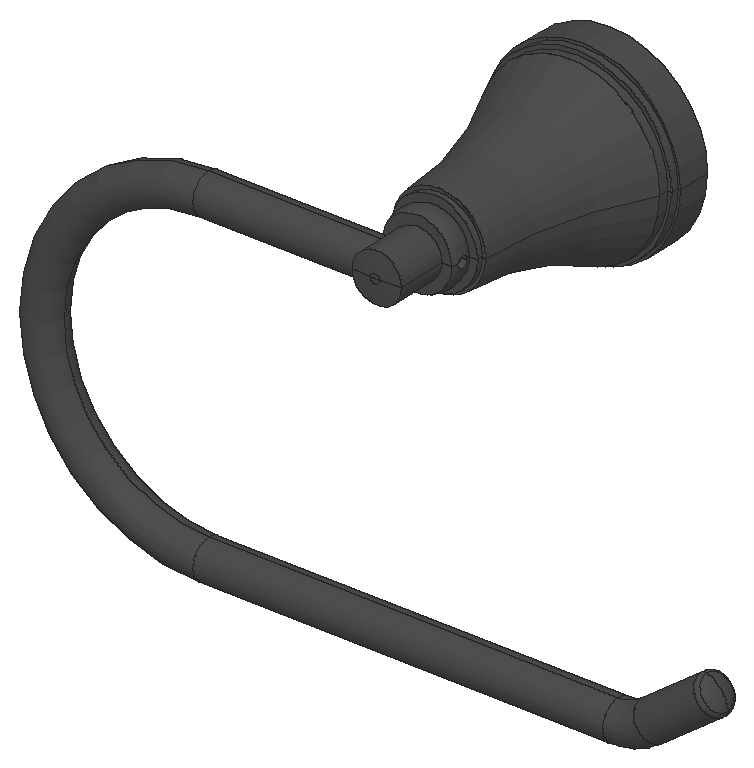
Revit family "Reece_Accessory_Kado_Era_Toilet Roll Holder", category Plumbing Fixtures, Revit 2018
Family settings
  Round Connector Dimension = Use Diameter
  Part Type = Normal
  Work Plane-Based = Yes
  Always vertical = Yes
  Cut with Voids When Loaded = Yes
  Shared = Yes
  Room Calculation Point = Yes
Parameters (values of type "Matte Black")
  URL = "https://www.reece.com.au/product/-2263727"
  Type Comments = "Accessory"
  Reece_Product_Web Page = "https://www.reece.com.au/product/-2263727"
  Reece_Product_Type = "Accessory"  # constant formula
  Reece_Product_Sub Brand = "Era"  # constant formula
  Reece_Product_Number = "2263727"
  Reece_Product_Mount = "Wall Mounted"
  Reece_Product_Description = "Kado Era Toilet Roll Holder Matte Black"
  Reece_Product_Brand = "Kado"  # constant formula
  Reece_Overall_Projection = 75 mm  # constant formula
  Reece_Overall_Length = 180 mm  # constant formula
  Reece_Overall_Height = 114 mm  # constant formula
  Reece_Material_Main = Reece_Brass_Matte Black
  Reece_Height_From_Level [instance] = 500 mm
  Reece_Detail_Installation = "Wall Mounted"  # constant formula
  Reece_Detail_Disclaimer = "THIS FILE IS THE PROPERTY OF THE REECE GROUP. IT MAY NOT BE REPRODUCED, REVERSE-ENGINEERED OR MODIFIED. ANY REPUBLICATION, TRANSMISSION OR DISTRIBUTION FOR THE PURPOSE OF COMMERCIALLY EXPLOITING THE FILES IS PROHIBITED."  # constant formula
  Reece_Detail_Additional = "Toilet Roll Holder"  # constant formula
  Model = "Era"
  Manufacturer = "Kado"
  Keynote = "Product #2263727, Reece_Accessory_Kado_Era_Toilet Roll Holder - Matte Black"
  Disclaimer = "THIS FILE IS THE PROPERTY OF THE REECE GROUP. IT MAY NOT BE REPRODUCED, REVERSE-ENGINEERED OR MODIFIED. ANY REPUBLICATION, TRANSMISSION OR DISTRIBUTION FOR THE PURPOSE OF COMMERCIALLY EXPLOITING THE FILES IS PROHIBITED."  # constant formula
  Description = "Kado Era Toilet Roll Holder Matte Black"
  Default Elevation = 0 mm
Types (5, lengths in mm): name | URL | Reece_Product_Web Page | Reece_Product_Number | Reece_Product_Description | Reece_Material_Main | Keynote | Description
  (no name) | "https://www.reece.com.au/product/-9512123" | "https://www.reece.com.au/product/-9512123" | "9512123" | "Kado Era Toilet Roll Holder Brushed Nickel" | Reece_Brass_Brushed Nickel | "Product #9512123, Reece_Accessory_Kado_Era_Toilet Roll Holder -  " | "Kado Era Toilet Roll Holder Brushed Nickel"
  Chrome | "https://www.reece.com.au/product/-9507730" | "https://www.reece.com.au/product/-9507730" | "9507730" | "Kado Era Toilet Roll Holder Chrome" | Reece_Brass_Chrome | "Product #9507730, Reece_Accessory_Kado_Era_Toilet Roll Holder - Chrome" | "Kado Era Toilet Roll Holder Chrome"
  Matte Black | "https://www.reece.com.au/product/-2263727" | "https://www.reece.com.au/product/-2263727" | "2263727" | "Kado Era Toilet Roll Holder Matte Black" | Reece_Brass_Matte Black | "Product #2263727, Reece_Accessory_Kado_Era_Toilet Roll Holder - Matte Black" | "Kado Era Toilet Roll Holder Matte Black"
  Brass Gold | "https://www.reece.com.au/product/-9507729" | "https://www.reece.com.au/product/-9507729" | "9507729" | "Kado Era Toilet Roll Holder Brass Gold" | Reece_Brass_Gold | "Product #9507729, Reece_Accessory_Kado_Era_Toilet Roll Holder - Brass Gold" | "Kado Era Toilet Roll Holder Brass Gold"
  Brushed Nickel | "https://www.reece.com.au/product/-9512123" | "https://www.reece.com.au/product/-9512123" | "9512123" | "Kado Era Toilet Roll Holder Brushed Nickel" | Reece_Brass_Brushed Nickel | "Product #9512123, Reece_Accessory_Kado_Era_Toilet Roll Holder - Brushed Nickel" | "Kado Era Toilet Roll Holder Brushed Nickel"
Reference planes
  plane 1 "Center (Front/Back)": y = 0
  plane 2 "Bottom Host Plane": z = -5
  plane 3 "Center (Left/Right)": x = 0
  plane 4 "Height From Floor": z = 500
  plane 5: z = 525
  plane 6: z = 411
  plane 7: x = -90
  plane 8: x = 90
  plane 9: y = -75
Forms (mm)
  Sweep 1, solid, material "Reece_Brass_Matte Black" <- "Reece_Material_Main"
    path origin (-146.674, -68.5, 35.957) x (-0.959839, 0, 0.28055) y (0.28055, 0, 0.959839)
      loop
        line (-117.045, 440.96) -> (-105.388, 425.621)
        arc (-105.388, 425.621) -> (-100.801, 421.245) -> (-95.075, 418.525) r 20
        line (-95.075, 418.525) -> (5.708, 389.067)
        arc (5.708, 389.067) -> (64.006, 420.994) -> (32.08, 479.292) r 47
        line (32.08, 479.292) -> (-13.993, 492.759)
    profile origin (-19, -68.5, 505) x (0, 0, -1) y (0, 1, 0)
      loop
        circle (5, 0) r 5
  Revolve 2, solid, material "Reece_Brass_Matte Black" <- "Reece_Material_Main"
    sketch origin (-89.207, -68.5, -4.218) x (-0.988952, 0, 0.148239) y (0.148239, 0, 0.988952)
      loop
        line (-109.25, 455.84) -> (-111.018, 457.608)
        arc (-111.018, 457.608) -> (-112.375, 455.741) -> (-113.208, 453.588) r 8.934
        arc (-113.208, 453.588) -> (-113.181, 452.886) -> (-112.786, 452.305) r 1.275
        line (-112.786, 452.305) -> (-109.25, 455.84)
      axis (-109.25, 455.84) -> (-111.018, 457.608)
    angle from 0 to 360
  Revolve 3, solid, material "Reece_Brass_Matte Black" <- "Reece_Material_Main"
    sketch origin (1.299, 0, 500) x (-1, 0, 0) y (0, -1, 0)
      loop
        line (-3.701, 0) -> (21.299, 0) -> (21.299, 8.5) -> (20.499, 8.5) -> (20.499, 10.5) -> (19.499, 10.5) -> (19.499, 12.8)
        arc (19.499, 12.8) -> (11.238, 33.044) -> (8.224, 54.7) r 88
        line (8.224, 54.7) -> (7.349, 54.7) -> (7.349, 56.2) -> (5.199, 56.2)
        arc (5.199, 56.2) -> (5.749, 58.925) -> (5.199, 61.65) r 7.026
        line (5.199, 61.65) -> (2.569, 61.65) -> (2.569, 74.575)
        arc (2.569, 74.575) -> (0.06, 74.893) -> (-2.466, 75) r 30
        line (-2.466, 75) -> (-3.701, 75) -> (-3.701, 0)
      axis (-3.701, 0) -> (-3.701, 75)
    angle from 0 to 360
  Revolve 4, void
    sketch origin (0, 0, 500) x (-1, 0, 0) y (0, -1, 0)
      loop
        line (-12.682, 58.925) -> (-15.165, 58.925) -> (-15.165, 57.401) -> (-12.682, 57.401) -> (-12.682, 58.925)
      loop
        line (3.133, 58.925) -> (3.133, 57.401) -> (5.165, 57.401) -> (5.165, 58.925) -> (3.133, 58.925)
      axis (5.165, 58.925) -> (-15.165, 58.925)
    angle from 0 to 360
Cuts and joins
  Revolve 4 cuts Revolve 3
  joined: Sweep 1, Revolve 2, Revolve 3
Lines and regions (mm)
  model lines, style "InvisibleLines"
    curve 1: line (0, 0, -5) -> (0, 0, 500)
Text (mm)
  text "Reece ©" at (2646.871, -2481.826, 2888.116), in view "Reece Preview"
  text "Reece Copyright © 2018, Reece Ltd." at (-247.475, -190.626, 0), in view "Ref. Level"
Dimensions and locks
  plane 2 "Bottom Host Plane" to level = 5 mm
  locked: level to plane 2 "Bottom Host Plane" at 5
  "Reece_Height_From_Level": plane 4 "Height From Floor" to level
  locked: plane 5 to plane 4 "Height From Floor" at 25
  equal spacing: plane 7, plane 3 "Center (Left/Right)", plane 8
  "Reece_Overall_Length": plane 7 to plane 8
  "Reece_Overall_Projection": plane 9 to plane 1 "Center (Front/Back)"
  "Reece_Overall_Height": plane 5 to plane 6
  Revolve 2 sketch curve to Revolve 2 sketch curve to Revolve 2 sketch curve = 1.294 mm locked, 1.206 mm locked
  aligned and locked: plane 2 "Bottom Host Plane" to curve 1
  aligned and locked: plane 4 "Height From Floor" to curve 1
Automatic sketch dimensions
  Revolve 3 sketch curve to Revolve 3 sketch curve = 1.189 mm
  Revolve 3 sketch curve to Revolve 3 sketch curve = 2.15 mm  (x2)
  Revolve 3 sketch curve to Revolve 3 sketch curve = 0.875 mm
  Revolve 3 sketch curve to plane 3 "Center (Left/Right)" = 18.2 mm
  Revolve 3 sketch curve to Revolve 3 sketch curve = 0.8 mm
  Revolve 3 sketch curve to plane 1 "Center (Front/Back)" = 0 mm
  Revolve 3 sketch curve to Revolve 3 sketch curve = 8.5 mm
  Revolve 3 sketch curve to Revolve 3 sketch curve = 2 mm
  Revolve 3 sketch curve to Revolve 3 sketch curve = 2.3 mm
  Revolve 3 sketch curve to Revolve 3 sketch curve = 32.2 mm
  Revolve 3 sketch curve to Revolve 3 sketch curve = 9.7 mm
  Revolve 3 sketch curve to Revolve 3 sketch curve = 1.5 mm
  Revolve 3 sketch curve to Revolve 3 sketch curve = 2.725 mm
  Revolve 3 sketch curve to Revolve 3 sketch curve = 1.236 mm
  Revolve 3 sketch curve to Revolve 3 sketch curve = 3.846 mm
  Revolve 3 sketch curve to Revolve 3 sketch curve = 2.63 mm
  Revolve 3 sketch curve to Revolve 3 sketch curve = 23.2 mm
  Revolve 3 sketch curve to Revolve 3 sketch curve = 1 mm
  plane 3 "Center (Left/Right)" to Revolve 3 sketch curve = 5 mm
  Revolve 3 sketch curve to plane 1 "Center (Front/Back)" = 12.283 mm
  Revolve 3 sketch curve to Revolve 3 sketch curve = 12.925 mm
  Sweep 1 sketch curve to profile plane = 0 mm
  Sweep 1 sketch curve to profile plane = 5 mm
  Sweep 1 sketch curve to plane 6 = 0 mm  (x2)
  plane 6 to Sweep 1 sketch curve = 3.918 mm
  Sweep 1 sketch curve to Sweep 1 sketch curve = 15.924 mm
  Sweep 1 sketch curve to Sweep 1 sketch curve = 95.172 mm
  Sweep 1 sketch curve to Sweep 1 sketch curve = 13.186 mm  (x2)
  Sweep 1 sketch curve to Sweep 1 sketch curve = 45.112 mm
  Sweep 1 sketch curve to Sweep 1 sketch curve = 11.657 mm
  Sweep 1 sketch curve to Sweep 1 sketch curve = 10.313 mm
  Sweep 1 sketch curve to Sweep 1 sketch curve = 46.072 mm
  Sweep 1 sketch curve to Sweep 1 sketch curve = 13.466 mm
  Revolve 3 sketch curve to plane 7 = 4.917 mm
  Sweep 1 sketch curve to Sweep 1 sketch curve = 15.339 mm
  curve 1 to plane 3 "Center (Left/Right)" = 0 mm
  plane 3 "Center (Left/Right)" to Sweep 1 sketch curve = 5 mm
  plane 9 to Revolve 3 sketch curve = 0.243 mm
  plane 8 to Revolve 2 sketch curve = 0.619 mm
  Revolve 2 sketch curve to Revolve 2 sketch curve = 0.816 mm
  Revolve 2 sketch curve to Revolve 2 sketch curve = 0.952 mm
  Revolve 2 sketch curve to Revolve 2 sketch curve = 0.839 mm
  Revolve 2 sketch curve to Revolve 2 sketch curve = 0.98 mm
  Revolve 2 sketch curve to Revolve 2 sketch curve = 1.909 mm  (x2)
  Revolve 2 sketch curve to Revolve 2 sketch curve = 0 mm
  Revolve 2 sketch curve to Revolve 2 sketch curve = 0.553 mm  (x2)
  plane 6 to Revolve 2 sketch curve = 15.371 mm
  plane 3 "Center (Left/Right)" to Revolve 4 sketch curve = 15.165 mm
  Revolve 4 sketch curve to Revolve 4 sketch curve = 2.483 mm
  Revolve 4 sketch curve to plane 3 "Center (Left/Right)" = 3.133 mm
  Revolve 4 sketch curve to Revolve 4 sketch curve = 2.032 mm
  plane 9 to Revolve 4 sketch curve = 17.599 mm  (x2)
  Revolve 4 sketch curve to Revolve 4 sketch curve = 1.524 mm  (x2)
  Revolve 4 sketch curve to Revolve 4 sketch curve = 20.997 mm
  Revolve 4 sketch curve to Revolve 4 sketch curve = 1.218 mm
  plane 9 to Revolve 4 sketch curve = 16.075 mm
  radius of Sweep 1 sketch curve = 5 mm
